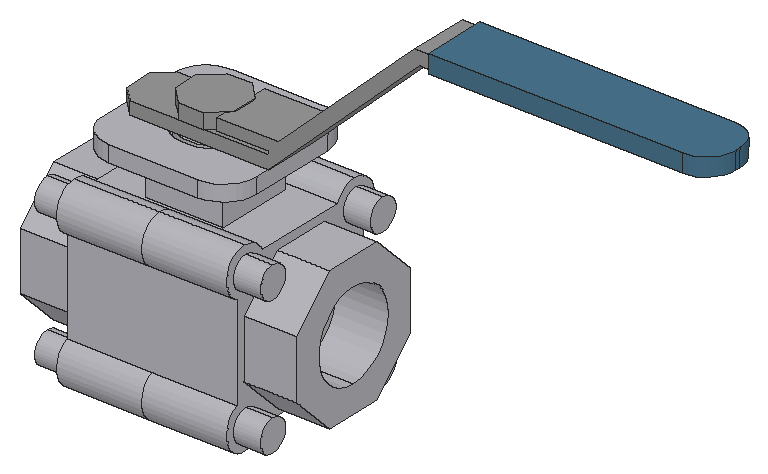
Revit family "valve-ball-3p-thd-full-body-lock-lever 320A", category Pipe Accessories, Revit 2018
Family settings
  Round Connector Dimension = Use Diameter
  Part Type = Valve - Breaks Into
  OmniClass Number = 23.60.30.11.14
  OmniClass Title = Pipework Fittings
  Work Plane-Based = No
  Always vertical = Yes
  Cut with Voids When Loaded = No
  Shared = No
Parameters
  Z4 [instance] = size_lookup(LookupTable, "Z4", 0.000", Nominal Diameter)  # 0.920"
  Z3 [instance] = size_lookup(LookupTable, "Z3", 0.000", Nominal Diameter)  # 0.200"
  Weight [instance] = size_lookup(LookupTable, "Weight", "NA", Nominal Diameter)  # "4.59 lbs."
  URL = "http://www.fnw.com"
  Standards Lookup Table = "Standards"  # constant formula
  R3 [instance] = size_lookup(LookupTable, "R3", 0.000", Nominal Diameter)  # 1.24451"
  Product ID Handle [instance] = "NA"
  Product ID [instance] = size_lookup(LookupTable, "ProductID", "NA", Nominal Diameter)  # "4106062"
  Pipe Diameter [instance] = size_lookup(Standards Lookup Table, "copper", 0.000", Nominal Diameter)  # 1.125"
  Pins [instance] = Lm / 2  # 0.880"
  Pin Length [instance] = X2 * 4 + X3  # 2.8824"
  Pin Diameter [instance] = size_lookup(LookupTable, "m", 0.000", Nominal Diameter)  # 0.400"
  Pin Bung [instance] = Pin Diameter * 1.5  # 0.600"
  Part Number Handle [instance] = "NA"
  Part Number [instance] = size_lookup(LookupTable, "PartNumber", "NA", Nominal Diameter)  # "FNW320AG"
  PIpe Radius [instance] = Pipe Diameter / 2  # 0.5625"
  NPT Insert [instance] = size_lookup(Standards Lookup Table, "NPT_insert", 0.000", Nominal Diameter)  # 0.6828"
  Manufacturer = "FNW"  # constant formula
  Lm [instance] = size_lookup(LookupTable, "lm", 0.000", Nominal Diameter)  # 1.760"
  Grip Pin4 [instance] = X3 / 2 + (X2 * 2)  # 1.4412"
  Gear [instance] = D3_Half - 0.063"  # 0.4295"
  Description BOM Handle [instance] = "NA"
  Description BOM [instance] = size_lookup(LookupTable, "Description_BOM", "NA", Nominal Diameter)  # "1 Stainless Steel 2000# Threaded 3 Piece Full Port BV"
  Z2 [instance] = size_lookup(LookupTable, "Z2", 0.000", Nominal Diameter)  # 0.300"
  Z1 [instance] = size_lookup(LookupTable, "Z1", 0.000", Nominal Diameter)  # 1.290"
  X3 [instance] = size_lookup(LookupTable, "X3", 0.000", Nominal Diameter)  # 1.4664"
  X2 [instance] = size_lookup(LookupTable, "X2", 0.000", Nominal Diameter)  # 0.354"
  X1 [instance] = size_lookup(LookupTable, "X1", 0.000", Nominal Diameter)  # 0.6828"
  Show Lever Clearance [instance] = no
  R2 [instance] = size_lookup(LookupTable, "R2", 0.000", Nominal Diameter)  # 1.04451"
  R1_Diam [instance] = R1 * 2  # 1.810"
  R1 [instance] = size_lookup(LookupTable, "R1", 0.000", Nominal Diameter)  # 0.905"
  Nominal Radius [instance] = Nominal Diameter / 2  # 0.500"
  Nominal Diameter [instance] = 1.000"
  LookupTable = "valve-ball-3p-thd-full-body-lock-lever 320A"  # constant formula
  HexAngle1 [instance] = 135.00°
  D4 [instance] = size_lookup(LookupTable, "D4", 0.000", Nominal Diameter)  # 0.5625"
  D3_Half [instance] = D3 / 2  # 0.4925"
  D3 [instance] = size_lookup(LookupTable, "D3", 0.000", Nominal Diameter)  # 0.985"
  D2_Half [instance] = D2 / 2  # 0.73875"
  D2 [instance] = size_lookup(LookupTable, "D2", 0.000", Nominal Diameter)  # 1.4775"
  D1_Half [instance] = D1 / 2  # 0.985"
  D1 [instance] = size_lookup(LookupTable, "D1", 0.000", Nominal Diameter)  # 1.970"
  Body_W [instance] = Lm / 2 + 0.125"  # 1.005"
  1_Z2 [instance] = size_lookup(LookupTable, "1_Z2", 0.000", Nominal Diameter)  # 0.1644"
  1_Z1 [instance] = size_lookup(LookupTable, "1_Z1", 0.000", Nominal Diameter)  # 1.87435"
  1_Y1 [instance] = size_lookup(LookupTable, "1_Y1", 0.000", Nominal Diameter)  # 0.760"
  1_X6 [instance] = size_lookup(LookupTable, "1_X6", 0.000", Nominal Diameter)  # 0.375"
  1_X5 [instance] = size_lookup(LookupTable, "1_X5", 0.000", Nominal Diameter)  # 0.375"
  1_X4 [instance] = size_lookup(LookupTable, "1_X4", 0.000", Nominal Diameter)  # 0.985"
  1_X3 [instance] = size_lookup(LookupTable, "1_X3", 0.000", Nominal Diameter)  # 6.690"
  1_X2 [instance] = size_lookup(LookupTable, "1_X2", 0.000", Nominal Diameter)  # 1.87435"
  1_X1 [instance] = size_lookup(LookupTable, "1_X1", 0.000", Nominal Diameter)  # 1.970"
Reference planes (in)
  plane 1 "Center (Front/Back)": y = 0
  plane 2: z = 0
  plane 3 "Center (Left/Right)": x = 0
  plane 4 "X7 End": x = -1.77
  plane 5: x = -0.7332
  plane 6: x = 0.7332
  plane 7: x = 1.77
  plane 8 "Pipe radius": z = 0.5625
  plane 9 "NPT": x = -1.0872
  plane 10: z = 0.905
  plane 11: z = 1.29
  plane 12: z = 1.59
  plane 13 "top of pad": z = 1.79
  plane 14: x = 1.0872
  plane 15: x = -1.0872
  plane 16: y = -0.88
  plane 17: z = -0.88
  plane 18: z = 0.88
  plane 19: y = 0.88
  plane 20: x = 10.098
  plane 21: x = -6.87
  plane 22: y = 2.5
  plane 23: y = -2.5
  plane 24: y = -0.88
  plane 25: z = -0.88
  plane 26: z = 0.88
  plane 27: y = 0.88
  plane 28: through (0, 0, 0) normal (0, 0.7071, -0.7071)
  plane 29: through (0, 0, 0) normal (0, 0.7071, 0.7071)
  plane 30: y = -0.88
  plane 31: y = 0.88
  plane 32: y = -1.465
  plane 33: z = -1.465
  plane 34: z = 1.465
  plane 35: y = 1.465
  plane 36 "Pin Plane": x = -1.4412
  plane 37 "NPT 3": x = 1.77
  plane 38: x = 1.4412
  plane 39: z = -1.27275
  plane 40 "LM": z = 1.27275
Forms (in)
  Extrusion 1, solid, material "Steel, Stainless", not visible
    sketch origin (-1.0872, 0, 0) x (0, 0, 1) y (0, -1, 0)
      loop
        circle (0, 0) r 0.5
    from 0 to 2.1744
  Extrusion 2, solid, material "Steel, Stainless"
    sketch origin (1.4276, 0, 0) x (0, 0, 1) y (0, -1, 0)
      loop
        line (-0.37486, -0.905) -> (0.37486, -0.905) -> (0.905, -0.37486) -> (0.905, 0.37486) -> (0.37486, 0.905) -> (-0.37486, 0.905) -> (-0.905, 0.37486) -> (-0.905, -0.37486) -> (-0.37486, -0.905)
      loop
        circle (0, 0) r 0.5625
    from -3.1976 to 0.3424
  Extrusion 3, solid, material "Steel, Stainless"
    sketch origin (0, 0, 0.865) x (-1, 0, 0) y (0, -1, 0)
      loop
        arc (0.56833, -0.985) -> (0.86296, -0.86296) -> (0.985, -0.56833) r 0.41667
        line (0.985, -0.56833) -> (0.985, 0.56833)
        arc (0.985, 0.56833) -> (0.86296, 0.86296) -> (0.56833, 0.985) r 0.41667
        line (0.56833, 0.985) -> (-0.56833, 0.985)
        arc (-0.56833, 0.985) -> (-0.86296, 0.86296) -> (-0.985, 0.56833) r 0.41667
        line (-0.985, 0.56833) -> (-0.985, -0.56833)
        arc (-0.985, -0.56833) -> (-0.86296, -0.86296) -> (-0.56833, -0.985) r 0.41667
        line (-0.56833, -0.985) -> (0.56833, -0.985)
      loop
        circle (0, 0) r 0.4925
      loop
        circle (0, 0) r 0.4295
    from 0.725 to 0.925
  Extrusion 4, solid, material "Steel, Stainless"
    sketch origin (0, 0, 0.865) x (-1, 0, 0) y (0, -1, 0)
      loop
        line (0.4925, -0.4925) -> (0.4925, 0.4925) -> (-0.4925, 0.4925) -> (-0.4925, -0.4925) -> (0.4925, -0.4925)
    from -0.3025 to 0.725
  Extrusion 5, solid, material "Steel, Stainless"
    sketch origin (0, 0, 0.865) x (-1, 0, 0) y (0, -1, 0)
      loop
        line (0.21875, -0.21875) -> (0.21875, 0.21875) -> (-0.21875, 0.21875) -> (-0.21875, -0.21875) -> (0.21875, -0.21875)
    from 0.425 to 0.925
  Extrusion 6, solid, material "Steel, Stainless"
    sketch origin (-1.0872, 0, 0) x (0, 0, 1) y (0, -1, 0)
      loop
        circle (0.88, 0.88) r 0.2
      loop
        circle (0.88, -0.88) r 0.2
      loop
        circle (-0.88, -0.88) r 0.2
      loop
        circle (-0.88, 0.88) r 0.2
    from -0.354 to 2.5284
  Extrusion 7, solid, material "Steel, Stainless"
    sketch origin (-1.0872, 0, 0) x (0, 0, 1) y (0, -1, 0)
      loop
        circle (0.88, -0.88) r 0.3
      loop
        circle (0.88, 0.88) r 0.3
      loop
        circle (-0.88, 0.88) r 0.3
      loop
        circle (-0.88, -0.88) r 0.3
    from 0 to 1.0872
  Extrusion 8, solid, material "Steel, Stainless"
    sketch origin (-1.0872, 0, 0) x (0, 0, 1) y (0, -1, 0)
      loop
        circle (0.88, -0.88) r 0.3
      loop
        circle (0.88, 0.88) r 0.3
      loop
        circle (-0.88, 0.88) r 0.3
      loop
        circle (-0.88, -0.88) r 0.3
    from 1.0872 to 2.1744
  Extrusion 9, solid, material "Steel, Stainless"
    sketch origin (-1.4412, 0, 0) x (0, 0, 1) y (0, -1, 0)
      loop
        line (1.005, -1.005) -> (1.005, 1.005) -> (-1.005, 1.005) -> (-1.005, -1.005) -> (1.005, -1.005)
    from 0.354 to 2.5284
Cuts and joins
  joined: Extrusion 7, Extrusion 8, Extrusion 9
Dimensions and locks (in)
  "PIpe Radius": plane 8 "Pipe radius" to plane 2
  "X1": plane 4 "X7 End" to plane 9 "NPT"
  "R1": Extrusion 2 sketch curve to plane 1 "Center (Front/Back)"
  "R1": plane 1 "Center (Front/Back)" to Extrusion 2 sketch curve  (x5)
  "R1": plane 2 to Extrusion 2 sketch curve  (x2)
  "R1": plane 10 to plane 2
  "Z1": plane 11 to plane 2
  "Z2": plane 12 to plane 11
  "Z3": plane 13 "top of pad" to plane 12
  "X2": plane 5 to plane 9 "NPT"
  "D1_Half": Extrusion 3 sketch curve to plane 3 "Center (Left/Right)"
  "D1_Half": plane 3 "Center (Left/Right)" to Extrusion 3 sketch curve
  "D1_Half": plane 1 "Center (Front/Back)" to Extrusion 3 sketch curve
  "D1_Half": Extrusion 3 sketch curve to plane 1 "Center (Front/Back)"
  "D3_Half": Extrusion 4 sketch curve to plane 3 "Center (Left/Right)"
  "D3_Half": plane 3 "Center (Left/Right)" to Extrusion 4 sketch curve
  "D3_Half": plane 1 "Center (Front/Back)" to Extrusion 4 sketch curve  (x2)
  "NPT Insert": plane 4 "X7 End" to plane 15
  equal spacing: Extrusion 5 sketch curve, plane 1 "Center (Front/Back)", Extrusion 5 sketch curve
  Extrusion 5 sketch curve to Extrusion 5 sketch curve = 0.4375"  (x2)
  equal spacing: Extrusion 5 sketch curve, plane 3 "Center (Left/Right)", Extrusion 5 sketch curve
  "Pins": plane 2 to plane 18
  "Pins": plane 2 to plane 17
  "Pins": plane 1 "Center (Front/Back)" to plane 16
  "Pins": plane 19 to plane 1 "Center (Front/Back)"
  equal spacing: plane 22, plane 1 "Center (Front/Back)", plane 23
  plane 22 to plane 23 = 5.000"
  "Pins": plane 27 to plane 1 "Center (Front/Back)" to plane 24
  "Pins": plane 25 to plane 2 to plane 26
  plane 31 to plane 30 = 1.760"
  equal spacing: plane 31, plane 1 "Center (Front/Back)", plane 30
  "Lm": plane 31 to plane 30
  plane 35 to plane 32 = 2.930"
  plane 33 to plane 34 = 2.930"
  "X2": plane 14 to plane 6
  "X2": plane 15 to plane 36 "Pin Plane"
  equal spacing: plane 6, plane 3 "Center (Left/Right)", plane 5
  "X3": plane 6 to plane 5
  "X1": plane 37 "NPT 3" to plane 14
  "Grip Pin4": Extrusion 6 to plane 3 "Center (Left/Right)"
  "X2": plane 38 to plane 14
  "NPT Insert": plane 7 to plane 14
  "Body_W": Extrusion 9 sketch curve to plane 2
  "Body_W": plane 1 "Center (Front/Back)" to Extrusion 9 sketch curve
  "Body_W": plane 2 to Extrusion 9 sketch curve
  "Body_W": Extrusion 9 sketch curve to plane 1 "Center (Front/Back)"
  "Nominal Radius": radius of Extrusion 1 sketch curve
  "PIpe Radius": radius of Extrusion 2 sketch curve
  radius of Extrusion 3 sketch curve = 0.41667"  (x4)
  "D3_Half": radius of Extrusion 3 sketch curve
  "Gear": radius of Extrusion 3 sketch curve
  "Pin Diameter": diameter of Extrusion 6 sketch curve  (x4)
  "Pin Bung": diameter of Extrusion 7 sketch curve  (x4)
  "Pin Bung": diameter of Extrusion 8 sketch curve  (x4)
  angle Extrusion 2 sketch curve to Extrusion 2 sketch curve = 135.00°  (x7)
  aligned and locked: plane 2 to level
  aligned and locked: plane 4 "X7 End" to Extrusion 2
  aligned and locked: Extrusion 3 to plane 12
  aligned and locked: plane 13 "top of pad" to Extrusion 3
  aligned and locked: Extrusion 4 to plane 8 "Pipe radius"
  aligned and locked: Extrusion 1 to plane 15
  aligned and locked: plane 12 to Extrusion 4
  aligned and locked: Extrusion 5 to plane 11
  aligned and locked: Extrusion 7 to plane 9 "NPT"
  aligned and locked: Extrusion 8 to Extrusion 1
  aligned and locked: plane 14 to Extrusion 8
  aligned and locked: Extrusion 2 to plane 37 "NPT 3"
  aligned and locked: plane 13 "top of pad" to Extrusion 5
  aligned and locked: Extrusion 6 to plane 36 "Pin Plane"
  aligned and locked: plane 3 "Center (Left/Right)" to Extrusion 7
  aligned and locked: Extrusion 8 to plane 3 "Center (Left/Right)"
  aligned and locked: Extrusion 9 to plane 9 "NPT"
  aligned and locked: Extrusion 9 to Extrusion 1
Automatic sketch dimensions
  Extrusion 1 sketch curve to level = 0.000"
  Extrusion 1 sketch curve to plane 1 "Center (Front/Back)" = 0.000"
  Extrusion 2 sketch curve to level = 0.000"
  Extrusion 2 sketch curve to plane 1 "Center (Front/Back)" = 0.000"
  Extrusion 3 sketch curve to Extrusion 3 sketch curve = 0.000"  (x2)
  plane 1 "Center (Front/Back)" to Extrusion 3 sketch curve = 0.000"
  Extrusion 3 sketch curve to plane 3 "Center (Left/Right)" = 0.000"
  Extrusion 6 sketch curve to plane 17 = 0.000"  (x2)
  Extrusion 6 sketch curve to plane 16 = 0.000"  (x2)
  plane 18 to Extrusion 6 sketch curve = 0.000"  (x2)
  Extrusion 6 sketch curve to plane 19 = 0.000"  (x2)
  Extrusion 7 sketch curve to plane 24 = 0.000"  (x2)
  Extrusion 7 sketch curve to plane 25 = 0.000"  (x2)
  plane 26 to Extrusion 7 sketch curve = 0.000"  (x2)
  Extrusion 7 sketch curve to plane 27 = 0.000"  (x2)
  plane 28 to Extrusion 8 sketch curve = 0.000"  (x2)
  Extrusion 8 sketch curve to plane 30 = 0.000"  (x2)
  plane 29 to Extrusion 8 sketch curve = 0.000"  (x2)
  Extrusion 8 sketch curve to plane 31 = 0.000"  (x2)
Nested families (in)
  nested 1: "Nested Lever Lock_Blue_320A" at (0, 0, 1.79), Show Lever Clearance <- "Show Lever Clearance", Description BOM <- "Description BOM Handle", Part Number <- "Part Number Handle", Product ID <- "Product ID Handle", Z3 <- "Z3", 1_X2 <- "1_X2", 1_X3 <- "1_X3", 1_X4 <- "1_X4", 1_X6 <- "1_X6", 1_Y1 <- "1_Y1", 1_Z1 <- "1_Z1", 1_Z2 <- "1_Z2", 1_X1 <- "1_X1", D3 <- "D3", type "Nested Lever Lock_Blue_320A"
    with Z3 0.200", Z1_Z2 1.01937", Void_Outer_Radius 0.4425", Void_Outer 0.885", Tab_Width 0.4425", Tab_Height_Center 0.93718", Tab Lock 0.19565", Show Lever Clearance no, Product ID "NA", Part Number "NA", Lock_Tab_Width 1.010", Hypotenuse_Tab_Center 1.32537", Grip_L3 0.2269", Grip_L2 0.19565", Grip_L1 0.03125", Description BOM "NA", D3_Half 0.32833", D3 0.985", Clearance Hieght 6.000", Angle Hex Head 135.00°, Ang_Constraint 39.81°, 1_Z2_Half 0.0822", 1_Z2 0.1644", 1_Z1_Quarter 0.55079", 1_Z1 1.87435", 1_Y1_Half 0.380", 1_Y1 0.760", 1_X6_Half 0.375", 1_X6 0.375", 1_X4 0.985", 1_X3_and_1__Y1_Half 7.070", 1_X3 6.690", 1_X2_Quarter 0.46859", 1_X2_Half 0.93718", 1_X2 1.87435", 1_X1 1.970", 0Grip 2.125"
Connectors (in)
  piping at (-1.0872, 0, 0), diameter 1, driven by "Nominal Diameter"
    settings: on Extrusion 1, index 1, connector inside diameter 24", connector length 0.000", flow factor 0, pipe flow 0 GPM, pressure drop 0.00 psi, fitting loss kfactor 0, connector angle 0.00°, fixture units 0, engagement length 0.000", angle of deflection 0.00°, flow configuration 0, flow direction 0, fitting loss method 0, system type 7, joint type 0, gender type 0, connector reference index 2, connector utility 0, adjustable connector no, is connector primary yes, connector description ""
  piping at (1.0872, 0, 0), diameter 1, driven by "Nominal Diameter"
    settings: on Extrusion 1, index 2, connector inside diameter 24", connector length 0.000", flow factor 0, pipe flow 0 GPM, pressure drop 0.00 psi, fitting loss kfactor 0, connector angle 0.00°, fixture units 0, engagement length 0.000", angle of deflection 0.00°, flow configuration 0, flow direction 0, fitting loss method 0, system type 7, joint type 0, gender type 0, connector reference index 1, connector utility 0, adjustable connector no, is connector primary no, connector description ""
Definition of nested family "Nested Lever Lock_Blue_320A"
  Parameters (values of type "Nested Lever Lock_Blue_310AM")
    Z3 [instance] = 0.125"
    Z1_Z2 [instance] = ([1_Z1] + [1_Z2]) / 2  # 0.6875"
    Tab_Width [instance] = [1_Y1_Half] + (Grip_L1 * 2)  # 1.0625"
    Tab_Height_Center [instance] = [1_Z1] / 2  # 0.625"
    Tab Lock [instance] = [1_Z2] + 0.03125"  # 0.15625"
    Product ID [instance] = ""
    Part Number [instance] = ""
    Lock_Tab_Width [instance] = [1_Y1] + 0.250"  # 2.250"
    Hypotenuse_Tab_Center [instance] = sqrt(Tab_Height_Center ^ 2 + [1_X2_Half] ^ 2)  # 0.97628"
    Description BOM [instance] = ""
    Angle 2 = 45.00°  # constant formula
    Ang_Constraint [instance] = 39.81°  # constant formula
    1_Z2 [instance] = 0.125"
    1_Z1_Quarter [instance] = [1_Z1] / 4 + ([1_Z2_Half])  # 0.375"
    1_Z1 [instance] = 1.250"
    1_Y1_Half [instance] = [1_Y1] / 2  # 1.000"
    1_Y1 [instance] = 2.000"
    1_X6_Half [instance] = [1_X6]  # 1.000"
    1_X6 [instance] = 1.000"
    1_X2_Quarter [instance] = [1_X2] / 4  # 0.375"
    1_X2_Half [instance] = [1_X2] / 2  # 0.750"
    1_X1 [instance] = 2.500"
    1_X3_and_1__Y1_Half [instance] = [1_X3] + [1_Y1_Half]  # 13.66198"
    1_X3 [instance] = 12.66198"
    1_X2 [instance] = 1.500"
    Void_Outer_Radius [instance] = Void_Outer / 2  # 1.0625"
    Void_Outer [instance] = [1_Y1] + Grip_L1 * 4  # 2.125"
    Show Lever Clearance [instance] = yes
    Grip_L3 [instance] = Grip_L1 + Grip_L2  # 0.1875"
    Grip_L1 [instance] = 0.03125"  # constant formula
    Grip_L2 [instance] = [1_Z2] + Grip_L1  # 0.15625"
    Default Elevation = 48.000"
    D3_Half [instance] = D3 / 3  # 0.23251"
    D3 [instance] = 0.69752"
    Clearance Hieght [instance] = 6.000"  # constant formula
    Angle Hex Head [instance] = 135.00°  # constant formula
    1_X4 [instance] = 1.100"
    1_Z2_Half [instance] = [1_Z2] / 2  # 0.0625"
    0Grip [instance] = 2.125"  # constant formula
  Reference planes (in)
    plane 1 "Center (Front/Back)": y = 0
    plane 2: z = 0
    plane 3 "Center (Left/Right)": x = 0
    plane 4: z = 0.125
    plane 5: x = -1.1
    plane 6: x = 12.66198
    plane 7: y = 1
    plane 8: y = -1
    plane 9: x = 1.4
    plane 10: x = 2.9
    plane 11: z = 1.375
    plane 12: z = 1.25
    plane 13: z = 0.25
    plane 14: z = 1.40625
    plane 15: z = 1.21875
    plane 16: x = 3.05625
    plane 17: y = 1.03125
    plane 18: y = -1.03125
    plane 19: z = -1.125
    plane 20: y = 0.5
    plane 21: y = -0.5
    plane 22: x = -1.225
    plane 23: x = 2.15
    plane 24: x = 1.775
    plane 25: x = 0.23251
    plane 26: z = 0.28125
  Forms (in)
    Extrusion 1, solid
      sketch origin (0, 0, 0) x (1, 0, 0) y (0, 1, 0)
        loop
          line (-48, 48) -> (-48, -48) -> (48, -48) -> (48, 48) -> (-48, 48)
      from 0 to -12
    Extrusion 2, solid
      sketch origin (0, 0, 0) x (1, 0, 0) y (0, 0, 1)
        loop
          line (1.54878, 0.28125) -> (0.23251, 0.28125) -> (0.23251, 0.16925) -> (1.4, 0.16925) -> (1.4, 0) -> (2.94425, 1.25) -> (4.05625, 1.25) -> (4.05625, 1.375) -> (2.9, 1.375) -> (1.54878, 0.28125)
      from -1 to 1
    Extrusion 3, solid
      sketch origin (0, 0, 0) x (1, 0, 0) y (0, 1, 0)
        loop
          line (1, 0.41421) -> (0.41421, 1) -> (-0.41421, 1) -> (-1, 0.41421) -> (-1, -0.41421) -> (-0.41421, -1) -> (0.41421, -1) -> (1, -0.41421) -> (1, 0.41421)
      from 0.125 to 0.25
    Extrusion 4, solid
      sketch origin (0, 0, 0) x (1, 0, 0) y (0, 1, 0)
        loop
          line (11.66198, 1.03125) -> (3.05625, 1.03125) -> (3.05625, -1.03125) -> (11.66198, -1.03125)
          arc (11.66198, -1.03125) -> (12.36908, -0.73836) -> (12.66198, -0.03125) r 1
          line (12.66198, -0.03125) -> (12.66198, 0.03125)
          arc (12.66198, 0.03125) -> (12.36908, 0.73836) -> (11.66198, 1.03125) r 1
      from 1.21875 to 1.40625
    Extrusion 5, solid, visible <- "Show Lever Clearance"
      sketch origin (0, 0, 0) x (1, 0, 0) y (0, 1, 0)
        loop
          line (-1.1, 1) -> (-1.1, -12.66198)
          arc (-1.1, -12.66198) -> (8.56048, -8.66048) -> (12.56198, 1) r 13.66198
          line (12.56198, 1) -> (-1.1, 1)
      from 0 to 6 <- "Clearance Hieght"
    Extrusion 6, solid
      sketch origin (0, 0, 0) x (1, 0, 0) y (0, 1, 0)
        loop
          line (1.4, -1) -> (1.4, 1) -> (-0.6, 1) -> (-1.1, 0.5) -> (-1.1, -0.5) -> (-0.6, -1) -> (1.4, -1)
      from 0 to 0.125
  Cuts and joins
    joined: Extrusion 2, Extrusion 6
  Lines and regions (in)
    reference lines
      curve 1: line (0, 0, 3.39657) -> (0, 0, -1.625)
  Dimensions and locks (in)
    "1_Z2": plane 4 to plane 2
    "1_X4": plane 3 "Center (Left/Right)" to plane 5
    "1_X3": plane 6 to plane 3 "Center (Left/Right)"
    equal spacing: plane 7, plane 1 "Center (Front/Back)", plane 8
    "1_Y1": plane 7 to plane 8
    "1_X1": plane 9 to plane 5
    "1_X2": plane 10 to plane 9
    "1_Z1": plane 11 to plane 4
    "1_Z2": plane 11 to plane 12
    equal spacing: Extrusion 3 sketch curve, curve 1, Extrusion 3 sketch curve  (x4)
    "1_Y1": Extrusion 3 sketch curve to Extrusion 3 sketch curve  (x4)
    "Z3": plane 13 to plane 4
    "Grip_L1": plane 14 to plane 11
    "Grip_L2": plane 11 to plane 15
    "Grip_L2": plane 16 to plane 10
    "Grip_L1": plane 8 to plane 18
    "Grip_L1": plane 17 to plane 7
    "1_Y1_Half": plane 16 to Extrusion 2
    "1_X3_and_1__Y1_Half": Extrusion 5 sketch curve to Extrusion 5 sketch curve  (x2)
    equal spacing: Extrusion 6 sketch curve, plane 1 "Center (Front/Back)", Extrusion 6 sketch curve
    "1_Y1_Half": Extrusion 6 sketch curve to Extrusion 6 sketch curve
    equal spacing: plane 21, plane 1 "Center (Front/Back)", plane 20
    "1_Y1_Half": plane 21 to plane 20
    "1_Z2": plane 5 to plane 22
    "1_X2_Half": plane 23 to plane 9
    "1_X2_Quarter": plane 24 to plane 9
    "D3_Half": plane 25 to plane 3 "Center (Left/Right)"
    "1_Z2": Extrusion 2 sketch curve to Extrusion 2 sketch curve
    "Tab Lock": plane 26 to plane 4
    "1_Y1_Half": radius of Extrusion 4 sketch curve  (x2)
    "1_X3_and_1__Y1_Half": radius of Extrusion 5 sketch curve
    "Angle Hex Head": angle Extrusion 3 sketch curve to Extrusion 3 sketch curve  (x6)
    "Angle 2": angle plane 5 to Extrusion 6 sketch curve
    "Angle 2": angle Extrusion 6 sketch curve to plane 5
    aligned and locked: plane 2 to Extrusion 1
    aligned and locked: level to Extrusion 1
    aligned and locked: plane 10 to Extrusion 2 sketch curve
    aligned and locked: plane 12 to Extrusion 2 sketch curve
    aligned and locked: plane 11 to Extrusion 2 sketch curve
    aligned and locked: curve 1 to plane 3 "Center (Left/Right)"
    aligned and locked: plane 4 to Extrusion 3
    aligned and locked: Extrusion 3 to plane 13
    aligned and locked: Extrusion 4 sketch curve to plane 16
    aligned and locked: Extrusion 4 sketch curve to plane 18
    aligned and locked: plane 17 to Extrusion 4 sketch curve
    aligned and locked: Extrusion 4 to plane 15
    aligned and locked: Extrusion 4 to plane 14
    aligned and locked: Extrusion 2 to plane 8
    aligned and locked: plane 7 to Extrusion 2
    aligned and locked: Extrusion 2 sketch curve to plane 9
    aligned and locked: plane 9 to Extrusion 6 sketch curve
    aligned and locked: Extrusion 6 sketch curve to plane 5
    aligned and locked: Extrusion 6 to plane 4
    aligned and locked: Extrusion 2 sketch curve to plane 25
    aligned and locked: Extrusion 2 to plane 26
  Automatic sketch dimensions
    Extrusion 1 sketch curve to Extrusion 1 sketch curve = 96.000"  (x2)
    plane 19 to curve 1 = 0.500"
    plane 14 to curve 1 = 1.99032"
    Extrusion 2 sketch curve to plane 26 = 0.000"
    Extrusion 2 sketch curve to level = 0.000"
    plane 16 to Extrusion 2 sketch curve = 1.000"
    Extrusion 2 sketch curve to plane 4 = 0.04425"
    Extrusion 4 sketch curve to plane 6 = 0.000"
    Extrusion 5 sketch curve to plane 5 = 0.000"
    Extrusion 5 sketch curve to plane 7 = 0.000"
    Extrusion 6 sketch curve to plane 8 = 0.000"
    Extrusion 6 sketch curve to plane 7 = 0.000"
